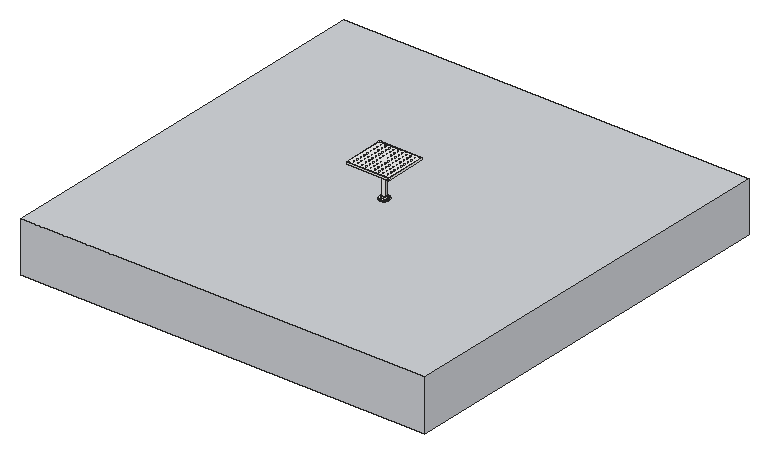
Revit family (continued)
Definition of nested family "13696_Base"
  Automatic sketch dimensions
    Extrusion 4 sketch curve to plane 1 "Center (Top/Bottom)" = 0' - 1"
    Extrusion 4 sketch curve to plane 6 "Front" = 0' - 0.99812"  (x9)
    plane 3 "Center (Left/Right)" to curve 2 = 0' - 1.4459"
    plane 1 "Center (Top/Bottom)" to Extrusion 4 sketch curve = 0' - 1"
    plane 1 "Center (Top/Bottom)" to curve 119 = 0' - 0"
    plane 1 "Center (Top/Bottom)" to curve 121 = 0' - 0"
    plane 1 "Center (Top/Bottom)" to curve 123 = 0' - 0"
    plane 1 "Center (Top/Bottom)" to curve 125 = 0' - 0"
    curve 109 to plane 3 "Center (Left/Right)" = 0' - 0"
    curve 72 to plane 3 "Center (Left/Right)" = 0' - 0"
    curve 197 to plane 3 "Center (Left/Right)" = 0' - 0"
    curve 178 to plane 3 "Center (Left/Right)" = 0' - 0"
    curve 55 to plane 3 "Center (Left/Right)" = 0' - 0"
    curve 160 to plane 3 "Center (Left/Right)" = 0' - 0"
    curve 90 to plane 3 "Center (Left/Right)" = 0' - 0"
    curve 143 to plane 3 "Center (Left/Right)" = 0' - 0"
    plane 1 "Center (Top/Bottom)" to curve 127 = 0' - 0"
    plane 1 "Center (Top/Bottom)" to curve 129 = 0' - 0"
    plane 1 "Center (Top/Bottom)" to curve 130 = 0' - 0"
    plane 1 "Center (Top/Bottom)" to curve 133 = 0' - 0"
    curve 142 to curve 142 = 0' - 0.05856"
    curve 196 to curve 196 = 0' - 0.05856"
    curve 72 to curve 72 = 0' - 0.05856"
    curve 55 to curve 54 = 0' - 0.05856"
    curve 161 to curve 160 = 0' - 0.05856"
    curve 108 to curve 108 = 0' - 0.05856"
    curve 179 to curve 178 = 0' - 0.05856"
    curve 91 to curve 90 = 0' - 0.05856"
    curve 158 to curve 160 = 0' - 0.88289"
    curve 53 to curve 54 = 0' - 0.88289"
    curve 88 to curve 90 = 0' - 0.88289"
    curve 70 to curve 72 = 0' - 0.88289"
    curve 176 to curve 178 = 0' - 0.88289"
    curve 195 to curve 196 = 0' - 0.88289"
    curve 107 to curve 108 = 0' - 0.88289"
    curve 140 to curve 142 = 0' - 0.88289"
    curve 141 to curve 140 = 0' - 0.05856"
    curve 53 to curve 52 = 0' - 0.05856"
    curve 89 to curve 88 = 0' - 0.05856"
    curve 176 to curve 176 = 0' - 0.05856"
    curve 159 to curve 158 = 0' - 0.05856"
    curve 124 to curve 124 = 0' - 0.05856"
    curve 71 to curve 70 = 0' - 0.05856"
    curve 195 to curve 194 = 0' - 0.05856"
    curve 107 to curve 106 = 0' - 0.05856"
    curve 69 to curve 70 = 0' - 0.88289"
    curve 51 to curve 52 = 0' - 0.88289"
    curve 87 to curve 88 = 0' - 0.88289"
    curve 123 to curve 124 = 0' - 0.88289"
    curve 105 to curve 106 = 0' - 0.88289"
    curve 138 to curve 140 = 0' - 0.88289"
    curve 156 to curve 158 = 0' - 0.88289"
    curve 193 to curve 194 = 0' - 0.88289"
    curve 174 to curve 176 = 0' - 0.88289"
    curve 69 to curve 68 = 0' - 0.05856"
    curve 50 to curve 50 = 0' - 0.05856"
    curve 192 to curve 192 = 0' - 0.05856"
    curve 104 to curve 104 = 0' - 0.05856"
    curve 174 to curve 174 = 0' - 0.05856"
    curve 157 to curve 156 = 0' - 0.05856"
    curve 139 to curve 138 = 0' - 0.05856"
    curve 122 to curve 122 = 0' - 0.05856"
    curve 86 to curve 86 = 0' - 0.05856"
    curve 67 to curve 68 = 0' - 0.88289"
    curve 49 to curve 50 = 0' - 0.88289"
    curve 136 to curve 138 = 0' - 0.88289"
    curve 172 to curve 174 = 0' - 0.88289"
    curve 102 to curve 104 = 0' - 0.88289"
    curve 154 to curve 156 = 0' - 0.88289"
    curve 190 to curve 192 = 0' - 0.88289"
    curve 84 to curve 86 = 0' - 0.88289"
    curve 121 to curve 122 = 0' - 0.88289"
    curve 137 to curve 136 = 0' - 0.05856"
    curve 120 to curve 120 = 0' - 0.05856"
    curve 172 to curve 172 = 0' - 0.05856"
    curve 85 to curve 84 = 0' - 0.05856"
    curve 103 to curve 102 = 0' - 0.05856"
    curve 191 to curve 190 = 0' - 0.05856"
    curve 49 to curve 48 = 0' - 0.05856"
    curve 155 to curve 154 = 0' - 0.05856"
    curve 66 to curve 66 = 0' - 0.05856"
    curve 100 to curve 102 = 0' - 0.88289"
    curve 47 to curve 48 = 0' - 0.88289"
    curve 189 to curve 190 = 0' - 0.88289"
    curve 134 to curve 136 = 0' - 0.88289"
    curve 152 to curve 154 = 0' - 0.88289"
    curve 170 to curve 172 = 0' - 0.88289"
    curve 83 to curve 84 = 0' - 0.88289"
    curve 119 to curve 120 = 0' - 0.88289"
    curve 64 to curve 66 = 0' - 0.88289"
    curve 46 to curve 46 = 0' - 0.05856"
    curve 189 to curve 188 = 0' - 0.05856"
    curve 64 to curve 64 = 0' - 0.05856"
    curve 101 to curve 100 = 0' - 0.05856"
    curve 135 to curve 134 = 0' - 0.05856"
    curve 119 to curve 118 = 0' - 0.05856"
    curve 82 to curve 82 = 0' - 0.05856"
    curve 152 to curve 152 = 0' - 0.05856"
    curve 171 to curve 170 = 0' - 0.05856"
    curve 160 to curve 163 = 0' - 0.88289"
    curve 142 to curve 145 = 0' - 0.88289"
    curve 72 to curve 74 = 0' - 0.88289"
    curve 54 to curve 56 = 0' - 0.88289"
    curve 108 to curve 111 = 0' - 0.88289"
    curve 196 to curve 199 = 0' - 0.88289"
    curve 178 to curve 181 = 0' - 0.88289"
    curve 90 to curve 92 = 0' - 0.88289"
    curve 92 to curve 93 = 0' - 0.05856"
    curve 180 to curve 181 = 0' - 0.05856"
    curve 110 to curve 110 = 0' - 0.05856"
    curve 198 to curve 199 = 0' - 0.05856"
    curve 56 to curve 57 = 0' - 0.05856"
    curve 74 to curve 74 = 0' - 0.05856"
    curve 126 to curve 126 = 0' - 0.05856"
    curve 144 to curve 144 = 0' - 0.05856"
    curve 162 to curve 162 = 0' - 0.05856"
    curve 110 to curve 112 = 0' - 0.88289"
    curve 74 to curve 77 = 0' - 0.88289"
    curve 198 to curve 200 = 0' - 0.88289"
    curve 126 to curve 129 = 0' - 0.88289"
    curve 180 to curve 182 = 0' - 0.88289"
    curve 144 to curve 147 = 0' - 0.88289"
    curve 56 to curve 58 = 0' - 0.88289"
    curve 162 to curve 164 = 0' - 0.88289"
    curve 92 to curve 94 = 0' - 0.88289"
    curve 112 to curve 113 = 0' - 0.05856"
    curve 128 to curve 129 = 0' - 0.05856"
    curve 94 to curve 95 = 0' - 0.05856"
    curve 200 to curve 201 = 0' - 0.05856"
    curve 76 to curve 76 = 0' - 0.05856"
    curve 182 to curve 182 = 0' - 0.05856"
    curve 58 to curve 59 = 0' - 0.05856"
    curve 146 to curve 146 = 0' - 0.05856"
    curve 164 to curve 165 = 0' - 0.05856"
    curve 146 to curve 149 = 0' - 0.88289"
    curve 128 to curve 130 = 0' - 0.88289"
    curve 200 to curve 203 = 0' - 0.88289"
    curve 112 to curve 114 = 0' - 0.88289"
    curve 182 to curve 184 = 0' - 0.88289"
    curve 164 to curve 166 = 0' - 0.88289"
    curve 58 to curve 61 = 0' - 0.88289"
    curve 76 to curve 79 = 0' - 0.88289"
    curve 94 to curve 96 = 0' - 0.88289"
    curve 96 to curve 97 = 0' - 0.05856"
    curve 78 to curve 78 = 0' - 0.05856"
    curve 166 to curve 167 = 0' - 0.05856"
    curve 60 to curve 60 = 0' - 0.05856"
    curve 148 to curve 149 = 0' - 0.05856"
    curve 202 to curve 202 = 0' - 0.05856"
    curve 114 to curve 115 = 0' - 0.05856"
    curve 184 to curve 184 = 0' - 0.05856"
    curve 130 to curve 131 = 0' - 0.05856"
    curve 114 to curve 116 = 0' - 0.88289"
    curve 60 to curve 63 = 0' - 0.88289"
    curve 130 to curve 133 = 0' - 0.88289"
    curve 184 to curve 186 = 0' - 0.88289"
    curve 148 to curve 150 = 0' - 0.88289"
    curve 166 to curve 168 = 0' - 0.88289"
    curve 96 to curve 99 = 0' - 0.88289"
    curve 78 to curve 81 = 0' - 0.88289"
    curve 202 to curve 204 = 0' - 0.88289"
    curve 98 to curve 98 = 0' - 0.05856"
    curve 80 to curve 80 = 0' - 0.05856"
    curve 168 to curve 168 = 0' - 0.05856"
    curve 62 to curve 62 = 0' - 0.05856"
    curve 204 to curve 204 = 0' - 0.05856"
    curve 150 to curve 151 = 0' - 0.05856"
    curve 132 to curve 132 = 0' - 0.05856"
    curve 186 to curve 186 = 0' - 0.05856"
    curve 116 to curve 116 = 0' - 0.05856"
    curve 117 to curve 132 = 0' - 1"
    curve 115 to curve 130 = 0' - 1"
    curve 113 to curve 129 = 0' - 1"
    curve 111 to curve 127 = 0' - 1"
    curve 107 to curve 124 = 0' - 1"
    curve 105 to curve 122 = 0' - 1"
    curve 103 to curve 120 = 0' - 1"
    curve 101 to curve 118 = 0' - 1"
    curve 99 to curve 116 = 0' - 1"
    curve 97 to curve 98 = 0' - 0"
    curve 95 to curve 96 = 0' - 0"
    curve 93 to curve 94 = 0' - 0"
    curve 91 to curve 108 = 0' - 1"
    curve 89 to curve 90 = 0' - 0"
    curve 87 to curve 88 = 0' - 0"
    curve 85 to curve 86 = 0' - 0"
    curve 83 to curve 84 = 0' - 0"
    curve 81 to curve 98 = 0' - 1"
    curve 79 to curve 80 = 0' - 0"
    curve 77 to curve 78 = 0' - 0"
    curve 75 to curve 76 = 0' - 0"
    curve 73 to curve 90 = 0' - 1"
    curve 71 to curve 72 = 0' - 0"
    curve 69 to curve 70 = 0' - 0"
    curve 67 to curve 68 = 0' - 0"
    curve 65 to curve 66 = 0' - 0"
    curve 63 to curve 80 = 0' - 1"
    curve 61 to curve 62 = 0' - 0"
    curve 59 to curve 60 = 0' - 0"
    curve 57 to curve 58 = 0' - 0"
    plane 7 "Back" to curve 55 = 0' - 1"
    curve 53 to curve 54 = 0' - 0"
    curve 51 to curve 52 = 0' - 0"
    curve 49 to curve 50 = 0' - 0"
    curve 47 to curve 48 = 0' - 0"
    curve 134 to plane 1 "Center (Top/Bottom)" = 0' - 1"
    curve 134 to curve 136 = 0' - 0"
    curve 136 to curve 138 = 0' - 0"
    curve 138 to curve 140 = 0' - 0"
    curve 140 to curve 142 = 0' - 0"
    curve 142 to curve 144 = 0' - 0"
    curve 144 to curve 146 = 0' - 0"
    curve 146 to curve 148 = 0' - 0"
    curve 148 to curve 150 = 0' - 0"
    curve 134 to curve 152 = 0' - 1"
    curve 152 to curve 154 = 0' - 0"
    curve 154 to curve 156 = 0' - 0"
    curve 156 to curve 158 = 0' - 0"
    curve 158 to curve 160 = 0' - 0"
    curve 160 to curve 162 = 0' - 0"
    curve 162 to curve 164 = 0' - 0"
    curve 164 to curve 166 = 0' - 0"
    curve 166 to curve 168 = 0' - 0"
    curve 152 to curve 170 = 0' - 1"
    curve 170 to curve 172 = 0' - 0"
    curve 172 to curve 174 = 0' - 0"
    curve 174 to curve 176 = 0' - 0"
    curve 176 to curve 178 = 0' - 0"
    curve 178 to curve 180 = 0' - 0"
    curve 180 to curve 182 = 0' - 0"
    curve 182 to curve 184 = 0' - 0"
    curve 184 to curve 186 = 0' - 0"
    curve 188 to plane 6 "Front" = 0' - 0.99812"
    curve 188 to curve 190 = 0' - 0"
    curve 190 to curve 192 = 0' - 0"
    curve 192 to curve 194 = 0' - 0"
    curve 194 to curve 196 = 0' - 0"
    curve 196 to curve 198 = 0' - 0"
    curve 198 to curve 200 = 0' - 0"
    curve 200 to curve 202 = 0' - 0"
    curve 202 to curve 204 = 0' - 0"
    curve 64 to curve 65 = 0' - 0"
    curve 66 to curve 67 = 0' - 0"
    curve 68 to curve 69 = 0' - 0"
    curve 70 to curve 71 = 0' - 0"
    curve 72 to curve 73 = 0' - 0"
    curve 82 to curve 83 = 0' - 0"
    curve 84 to curve 85 = 0' - 0"
    curve 86 to curve 87 = 0' - 0"
    curve 88 to curve 89 = 0' - 0"
    curve 90 to curve 91 = 0' - 0"
    curve 108 to curve 109 = 0' - 0"
    curve 118 to curve 119 = 0' - 0"
    curve 120 to curve 121 = 0' - 0"
    curve 122 to curve 123 = 0' - 0"
    curve 124 to curve 125 = 0' - 0"
    curve 126 to curve 127 = 0' - 0"
    curve 128 to curve 129 = 0' - 0"
    curve 130 to curve 131 = 0' - 0"
    curve 132 to curve 133 = 0' - 0"
    plane 4 "Left" to curve 119 = 0' - 0.94144"
    plane 3 "Center (Left/Right)" to curve 126 = 0' - 0.94144"
    curve 46 to curve 64 = 0' - 1"
    radius of Extrusion 7 sketch curve = 0' - 0 1/2"
    radius of Extrusion 4 sketch curve = 0' - 0.05856"  (x80)
Types (7): name | Finish
  (no name) | Metal-Kohler-CP-Polished Chrome
  Metal-CP-Polished_Chrome | Metal-Kohler-CP-Polished Chrome
  Metal-BGD-Vibrant_Moderne_Brushed_Gold | Metal-Kohler-BGD-Vibrant Moderne Brushed Gold
  Metal-BN-Vibrant_Brushed_Nickel | Metal-Kohler-BN-Vibrant Brushed Nickel
  Metal-BV-Vibrant_Brushed_Bronze | Metal-Kohler-BV-Vibrant Brushed Bronze
  Metal-PGD-Vibrant_Moderne_Polished_Gold | Metal-Kohler-PGD-Vibrant Moderne Polished Gold
  Metal-SN-Vibrant_Polished_Nickel | Metal-Kohler-SN-Vibrant Polished Nickel
